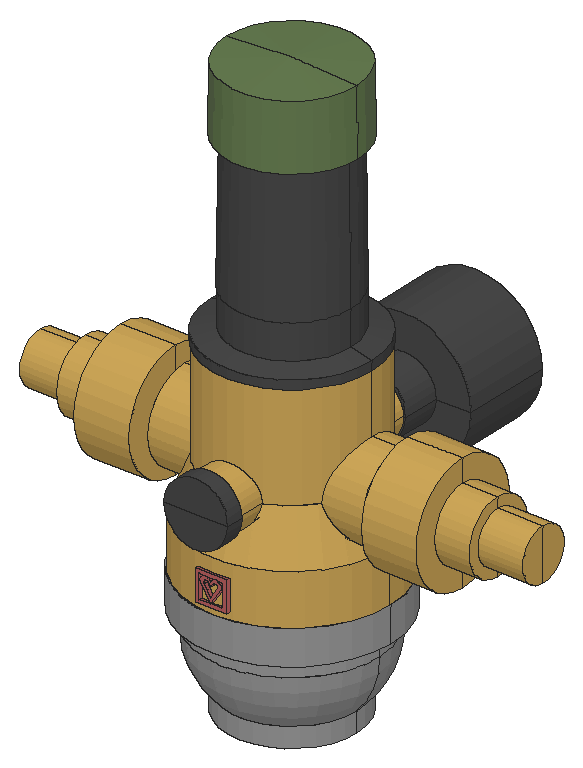
Revit family "HERZ Diaphragm Pressure Reducing Valve With Plastic Cap 2682", category Rohrzubehör, Revit 2018
Family settings
  Bemaßung runder Anschluss = Durchmesser verwenden
  Teiletyp = Unterbricht
  OmniClass-Nummer = 23.65.55.14
  OmniClass-Titel = Valves for Liquid Services
  Arbeitsebenenbasiert = Nein
  Immer vertikal = Ja
  Beim Laden mit Abzugskörper schneiden = Nein
  Gemeinsam genutzt = Nein
Parameters (values of type "Manometer back")
  Part number [instance] = size_lookup("2682_K_", "Artnr", 0, Nennweite)  # 1268211
  Note = "Pursuant to Article 33 of the REACH Regulation (EC No. 1907/2006), we are obliged to point out that the material lead is listed on the SVHC list and that all brass components manufactured in our products exceed 0.1% (w / w) lead (CAS: 7439-92-1 / EINECS: 231-100-4).\r\nSince lead is a component part of an alloy, actual exposure is not possible and therefore no additional information on safe use is necessary."
  Factory settings = 300000.0 Pa  # constant formula
  W01 = 91.00°  # constant formula
  Vorne [instance] = no
  VRL03 [instance] = size_lookup("2682_K_", "VRL3", 1.000 mm, Nennweite)  # 23.500 mm
  VRL02 [instance] = size_lookup("2682_K_", "VRL2", 1.000 mm, Nennweite)  # 16.000 mm
  VRL01 [instance] = size_lookup("2682_K_", "VRL1", 1.000 mm, Nennweite)  # 73.500 mm
  VRD02 [instance] = size_lookup("2682_K_", "VRD2", 1.000 mm, Nennweite)  # 17.000 mm
  VRD01 [instance] = size_lookup("2682_K_", "VRD1", 1.000 mm, Nennweite)  # 10.500 mm
  VRAG [instance] = Nennweite / 2  # 7.500 mm
  URL = "www.herzvalves.com"
  Standard = "EN 1567"  # constant formula
  Spring = "spring steel"  # constant formula
  SC_NennweiteBerechnet = 0
  SC_Dimension = ""
  SCTWSEQ = "AW;SBT_TYP_AW=\"111\";2"
  SCTWCODE = "04;24;02"  # constant formula
  S02 = 10.000 mm  # constant formula
  S01 [instance] = VRD02 * 2  # 34.000 mm
  R07 [instance] = R05 + 0.800 mm  # 9.300 mm
  R06 = 19.500 mm  # constant formula
  R05 [instance] = size_lookup("2682_K_", "R5", 1.000 mm, Nennweite)  # 8.500 mm
  R04 [instance] = size_lookup("2682_K_", "R4", 1.000 mm, Nennweite)  # 18.900 mm
  R03 [instance] = size_lookup("2682_K_", "R3", 1.000 mm, Nennweite)  # 19.250 mm
  R02 [instance] = size_lookup("2682_K_", "R2", 1.000 mm, Nennweite)  # 28.750 mm
  R01 [instance] = size_lookup("2682_K_", "R1", 1.000 mm, Nennweite)  # 23.250 mm
  Upper part = "PA6.6"  # constant formula
  Nennweite [instance] = 15.000 mm
  Max. operating temperature = 40 °C  # constant formula
  Diaphragm = "EPDM"  # constant formula
  Medium = "water"  # constant formula
  Max. inlet pressure = 1600000.0 Pa  # constant formula
  Manometer scale = "0 - 10 bar"  # constant formula
  Pressure gauge connectors = "1/4\" F (ISO 228-1)"
  LO01 [instance] = H02 - 2.000 mm  # 27.000 mm
  L01 [instance] = size_lookup("2682_K_", "L1", 1.000 mm, Nennweite)  # 10.600 mm
  L00 [instance] = size_lookup("2682_K_", "L", 1.000 mm, Nennweite)  # 84.000 mm
  Bottom cover = "PA12, transparent"  # constant formula
  Hinten [instance] = yes
  Hersteller = "HERZ Armaturen Ges.m.b.H."  # constant formula
  Handle = "PA 6.6, green"  # constant formula
  H12 [instance] = size_lookup("2682_K_", "H12", 1.000 mm, Nennweite)  # 5.800 mm
  H11 [instance] = size_lookup("2682_K_", "H11", 1.000 mm, Nennweite)  # 10.000 mm
  H10 [instance] = size_lookup("2682_K_", "H10", 1.000 mm, Nennweite)  # 37.000 mm
  H09 [instance] = H01 + H04 - H05  # 84.500 mm
  H08 [instance] = size_lookup("2682_K_", "H8", 1.000 mm, Nennweite)  # 20.000 mm
  H07 [instance] = size_lookup("2682_K_", "H7", 1.000 mm, Nennweite)  # 10.000 mm
  H06 [instance] = size_lookup("2682_K_", "H6", 1.000 mm, Nennweite)  # 2.500 mm
  H05 [instance] = size_lookup("2682_K_", "H5", 1.000 mm, Nennweite)  # 4.700 mm
  H04 [instance] = size_lookup("2682_K_", "H4", 1.000 mm, Nennweite)  # 58.700 mm
  H03 [instance] = D02 + 1.000 mm  # 14.220 mm
  H02 [instance] = size_lookup("2682_K_", "H2", 1.000 mm, Nennweite)  # 29.000 mm
  H01 [instance] = size_lookup("2682_K_", "H1", 1.000 mm, Nennweite)  # 30.500 mm
  GT1 [instance] = size_lookup("2682_K_", "GT1", 1.000 mm, Nennweite)  # 12.000 mm
  GT [instance] = size_lookup("2682_K_", "GT", 1.000 mm, Nennweite)  # 13.200 mm
  Filter = "stainless stee, mesh size 0.3 mm"  # constant formula
  Spring guide = "stainless steel"  # constant formula
  Outlet pressure range = "1.5 - 6 bar"  # constant formula
  Sealing = "EPDM"  # constant formula
  D09 [instance] = size_lookup("2682_K_", "D9", 1.000 mm, Nennweite)  # 19.000 mm
  D08 [instance] = size_lookup("2682_K_", "D8", 1.000 mm, Nennweite)  # 25.800 mm
  D07 [instance] = size_lookup("2682_K_", "D7", 1.000 mm, Nennweite)  # 29.000 mm
  D06 [instance] = size_lookup("2682_K_", "D6", 1.000 mm, Nennweite)  # 16.000 mm
  D05 [instance] = size_lookup("2682_K_", "D5", 1.000 mm, Nennweite)  # 16.800 mm
  D04 [instance] = size_lookup("2682_K_", "D4", 1.000 mm, Nennweite)  # 17.300 mm
  D03 [instance] = size_lookup("2682_K_", "D3", 1.000 mm, Nennweite)  # 23.500 mm
  D02 [instance] = size_lookup("2682_K_", "D2", 1.000 mm, Nennweite)  # 13.220 mm
  D01 [instance] = size_lookup("2682_K_", "D1", 1.000 mm, Nennweite)  # 9.525 mm
  Body = "forged brass acc. to EN 12165; CW626N"  # constant formula
  B03 = 5.000 mm  # constant formula
  B02 = 26.000 mm  # constant formula
  B01 [instance] = size_lookup("2682_K_", "B1", 1.000 mm, Nennweite)  # 30.000 mm
  B00 [instance] = size_lookup("2682_K_", "B", 1.000 mm, Nennweite)  # 67.000 mm
  External thread = "acc. to ISO 7-1 and ISO228"  # constant formula
  Application = "The pressure reducing valve protects installations against over pressure (reduces input pressure to a working level).\r\nIt can also be used in heating systems to protect boiler against increased pressure.\r\nThe outlet pressure is adjustable and does not vary with changes of the inlet pressure.\r\nThe outlet pressure can be adjusted by turning the green handle.\r\nTurning the handle clockwise increases the outlet pressure.\r\nTurning above the stated values on the pressure reducer scale may damage the valve.\r\nWe recommend the max. outlet pressure of 4 bar for private house installations (product long life, costs,...).\r\nAfter each new setting of the outlet pressure, the regulated pipe has to be opened and closed."
Types (3, lengths in mm): name | Note | Vorne | URL | Hinten | Application
  (no name) | "Pursuant to Article 33 of the REACH Regulation (EC No. 1907/2006), we are obliged to point out that the material lead is listed on the SVHC list and that all brass components manufactured in our products exceed 0.1% (w / w) lead (CAS: 7439-92-1 / EINECS: 231-100-4).\r\nSince lead is a component part of an alloy, actual exposure is not possible and therefore no additional information on safe use is necessary." | no | "www.herzvalves.com" | yes | "The pressure reducing valve protects installations against over pressure (reduces input pressure to a working level).\r\nIt can also be used in heating systems to protect boiler against increased pressure.\r\nThe outlet pressure is adjustable and does not vary with changes of the inlet pressure.\r\nThe outlet pressure can be adjusted by turning the green handle.\r\nTurning the handle clockwise increases the outlet pressure.\r\nTurning above the stated values on the pressure reducer scale may damage the valve.\r\nWe recommend the max. outlet pressure of 4 bar for private house installations (product long life, costs,...).\r\nAfter each new setting of the outlet pressure, the regulated pipe has to be opened and closed."
  Manometer front | "Gemäß Art 33 der REACH-Verordnung (EG Nr. 1907/2006) sind wir verpflichtet, darauf hinzuweisen, dass der Stoff Blei auf der SVHC-Liste geführt wird und dass alle aus Messing bestehenden Bauteile, die in unseren Erzeugnissen verarbeitet sind, mehr als 0,1 % (w/w) Blei (CAS: 7439-92-1 / EINECS: 231-100-4) enthalten.\r\nDa Blei als Legierungsbestandteil fest gebunden ist, sind keine Expositionen zu erwarten und daher sind keine zusätzlichen Angaben zur sicheren Verwendung notwendig." | yes | "www.herz-armaturen.at" | no | "Typischerweise dient der Druckreduzierer dazu, Installationen beziehungsweise Anlagen vor zu hohem Druck zu schützen.\r\nWeiters können Druckreduzierer in Heizungsanlagen eingesetzt werden, um zu hohe Drücke im Boiler zu verhindern.\r\nDer Druck nach dem Druckreduzierer ist im angegebenen Bereich einstellbar und steht nicht im Zusammenhang mit dem Vordruck.\r\nUm den Druck nach dem Druckreduzierer zu steigern, muss der Handgriff im Uhrzeigersinn gedreht werden.\r\nDurch das Einstellen von Drücken, welche die vorgegebene Skala überschreiten, können Schäden am Druckreduzierer entstehen.\r\nWir empfehlen einen maximalen Hinterdruck sekundärseitig von 4 bar für Anlagen in privaten Haushalten (lange Produktlebensdauer, geringe Kosten).\r\nNach jeder Änderung des Einstellwertes muss die Ausgangsseite druckentlastet werden, zum Beispiel durch Wasserzapfen."
  Manometer back | "Pursuant to Article 33 of the REACH Regulation (EC No. 1907/2006), we are obliged to point out that the material lead is listed on the SVHC list and that all brass components manufactured in our products exceed 0.1% (w / w) lead (CAS: 7439-92-1 / EINECS: 231-100-4).\r\nSince lead is a component part of an alloy, actual exposure is not possible and therefore no additional information on safe use is necessary." | no | "www.herzvalves.com" | yes | "The pressure reducing valve protects installations against over pressure (reduces input pressure to a working level).\r\nIt can also be used in heating systems to protect boiler against increased pressure.\r\nThe outlet pressure is adjustable and does not vary with changes of the inlet pressure.\r\nThe outlet pressure can be adjusted by turning the green handle.\r\nTurning the handle clockwise increases the outlet pressure.\r\nTurning above the stated values on the pressure reducer scale may damage the valve.\r\nWe recommend the max. outlet pressure of 4 bar for private house installations (product long life, costs,...).\r\nAfter each new setting of the outlet pressure, the regulated pipe has to be opened and closed."
Reference planes
  plane 1 "Mitte (Vorne/hinten)": y = 0
  plane 2: z = 0
  plane 3 "Mitte (Links/rechts)": x = 0
Forms (mm)
  Revolve 1, solid, material "Messing, weicher Gelbton, geschweißt", detail levels fine
    sketch origin (0, 0, 0) x (1, 0, 0) y (0, 0, 1)
      loop
        line (-42, 0) -> (42, 0) -> (42, 9.525) -> (31.4, 9.525) -> (31.4, 13.22) -> (-31.4, 13.22) -> (-31.4, 9.525) -> (-42, 9.525) -> (-42, 0)
      axis (-42, 0) -> (42, 0)
    angle from 0 to 360
  Revolve 2, solid, material "Messing, weicher Gelbton, geschweißt", detail levels fine
    sketch origin (0, 0, 0) x (1, 0, 0) y (0, 0, 1)
      loop
        line (0, -29) -> (28.75, -29) -> (28.75, -14.22) -> (23.25, 0) -> (23.25, 30.5) -> (0, 30.5) -> (0, -29)
      axis (0, 30.5) -> (0, -29)
    angle from 0 to 360
  Revolve 3, solid, material "Acetalharz, Schwarz", detail levels fine
    sketch origin (0, 0, 0) x (1, 0, 0) y (0, 0, 1)
      loop
        line (0, 30.5) -> (0, 89.2) -> (-16, 89.2) -> (-16, 84.5) -> (-16.8, 84.5) -> (-17.3, 44.5) -> (-17.3, 34.5) -> (-23.5, 33) -> (-23.5, 30.5) -> (0, 30.5)
      axis (0, 89.2) -> (0, 30.5)
    angle from 0 to 360
  Revolve 4, solid, material "Kunststoff GRÜN", detail levels fine
    sketch origin (0, 0, 0) x (1, 0, 0) y (0, 0, 1)
      loop
        line (0, 84.5) -> (19.25, 84.5) -> (18.9, 103.392)
        arc (18.9, 103.392) -> (9.466, 104.223) -> (0, 104.5) r 161.794
        line (0, 104.5) -> (0, 84.5)
      axis (0, 104.5) -> (0, 84.5)
    angle from 0 to 360
  Revolve 5, solid, material "Kunststoff, transparent", detail levels fine
    sketch origin (0, 0, 0) x (1, 0, 0) y (0, 0, 1)
      loop
        line (0, -29) -> (0, -66) -> (19, -66) -> (19, -60.2)
        arc (19, -60.2) -> (24.034, -52.577) -> (25.8, -43.615) r 23.626
        line (25.8, -43.615) -> (25.8, -39) -> (29, -39) -> (29, -29) -> (0, -29)
      axis (0, -29) -> (0, -66)
    angle from 0 to 360
  Revolve 6, solid, material "Messing, weicher Gelbton, geschweißt", detail levels fine
    sketch origin (0, 0, 0) x (1, 0, 0) y (0, 0, 1)
      loop
        line (34, 9.525) -> (46, 9.525) -> (46, 0) -> (73.5, 0) -> (73.5, 7.5) -> (60.3, 7.5) -> (60.3, 10.5) -> (50, 10.5) -> (50, 17) -> (34, 17) -> (34, 9.525)
      loop
        line (-34, 9.525) -> (-34, 17) -> (-50, 17) -> (-50, 10.5) -> (-60.3, 10.5) -> (-60.3, 7.5) -> (-73.5, 7.5) -> (-73.5, 0) -> (-46, 0) -> (-46, 9.525) -> (-34, 9.525)
      axis (-73.5, 0) -> (73.5, 0)
    angle from 0 to 360
  Revolve 7, solid, material "Messing, weicher Gelbton, geschweißt", detail levels fine
    sketch origin (0, 0, 0) x (1, 0, 0) y (0, 1, 0)
      loop
        line (0, 30) -> (0, -30) -> (8.5, -30) -> (8.5, 30) -> (0, 30)
      axis (0, 30) -> (0, -30)
    angle from 0 to 360
  Revolve 8, solid, material "Acetalharz, Schwarz", visible <- "Vorne", detail levels fine
    sketch origin (0, 0, 0) x (1, 0, 0) y (0, 1, 0)
      loop
        line (0, -30) -> (0, -65) -> (17.5, -65) -> (17.5, -67) -> (19.5, -67) -> (19.5, -41) -> (9.3, -41) -> (9.3, -30) -> (0, -30)
      axis (0, -30) -> (0, -67)
    angle from 0 to 360
  Revolve 9, solid, material "Acetalharz, Schwarz", visible <- "Vorne", detail levels fine
    sketch origin (0, 0, 0) x (1, 0, 0) y (0, 1, 0)
      loop
        line (0, 30) -> (9.3, 30) -> (9.3, 35) -> (0, 35) -> (0, 30)
      axis (0, 35) -> (0, 30)
    angle from 0 to 360
  Revolve 10, solid, material "Acetalharz, Schwarz", visible <- "Hinten", detail levels fine
    sketch origin (0, 0, 0) x (1, 0, 0) y (0, -1, 0)
      loop
        line (0, 30) -> (9.3, 30) -> (9.3, 35) -> (0, 35) -> (0, 30)
      axis (0, 35) -> (0, 30)
    angle from 0 to 360
  Revolve 11, solid, material "Acetalharz, Weiß", visible <- "Vorne", detail levels fine
    sketch origin (0, 0, 0) x (1, 0, 0) y (0, 1, 0)
      loop
        line (0, -65) -> (0, -66.5) -> (17.5, -66.5) -> (17.5, -65) -> (0, -65)
      axis (0, -65) -> (0, -66.5)
    angle from 0 to 360
  Revolve 12, solid, material "Acetalharz, Schwarz", visible <- "Hinten", detail levels fine
    sketch origin (0, 0, 0) x (1, 0, 0) y (0, -1, 0)
      loop
        line (0, -30) -> (0, -65) -> (17.5, -65) -> (17.5, -67) -> (19.5, -67) -> (19.5, -41) -> (9.3, -41) -> (9.3, -30) -> (0, -30)
      axis (0, -30) -> (0, -67)
    angle from 0 to 360
  Revolve 13, solid, material "Acetalharz, Weiß", visible <- "Hinten", detail levels fine
    sketch origin (0, 0, 0) x (1, 0, 0) y (0, -1, 0)
      loop
        line (0, -65) -> (0, -66.5) -> (17.5, -66.5) -> (17.5, -65) -> (0, -65)
      axis (0, -65) -> (0, -66.5)
    angle from 0 to 360
Lines and regions (mm)
  model lines, detail levels coarse+medium
    curve 1: line (-42, 0, -17) -> (-42, 0, 17)
    curve 2: line (-42, 0, 17) -> (42, 0, -34)
    curve 3: line (42, 0, -34) -> (42, 0, 34)
    curve 4: line (42, 0, 34) -> (-42, 0, -17)
    curve 5: line (-42, 0, 17) -> (-52, 0, 17)
    curve 6: line (-52, 0, 17) -> (-42, 0, 0)
    curve 7: line (-42, 0, -17) -> (-52, 0, -17)
    curve 8: line (-52, 0, -17) -> (-42, 0, 0)
    curve 9: line (-42, 0, 0) -> (-73.5, 0, 0)
    curve 10: line (42, 0, 17) -> (52, 0, 17)
    curve 11: line (52, 0, 17) -> (42, 0, 0)
    curve 12: line (42, 0, -17) -> (52, 0, -17)
    curve 13: line (52, 0, -17) -> (42, 0, 0)
    curve 14: line (42, 0, 0) -> (73.5, 0, 0)
    curve 15: line (-42, -17, 0) -> (-42, 17, 0)
    curve 16: line (-42, 17, 0) -> (42, -34, 0)
    curve 17: line (42, -34, 0) -> (42, 34, 0)
    curve 18: line (42, 34, 0) -> (-42, -17, 0)
    curve 19: line (-42, 17, 0) -> (-52, 17, 0)
    curve 20: line (-52, 17, 0) -> (-42, 0, 0)
    curve 21: line (-42, -17, 0) -> (-52, -17, 0)
    curve 22: line (-52, -17, 0) -> (-42, 0, 0)
    curve 23: line (42, 0, -17) -> (42, 0, 17)
    curve 24: line (42, 0, 17) -> (52, 0, 17)
    curve 25: line (52, 0, 17) -> (42, 0, 0)
    curve 26: line (42, 17, 0) -> (52, 17, 0)
    curve 27: line (52, 17, 0) -> (42, 0, 0)
    curve 28: line (42, -17, 0) -> (52, -17, 0)
    curve 29: line (52, -17, 0) -> (42, 0, 0)
Dimensions and locks
  equal spacing: Revolve 1 sketch curve, plane 3 "Mitte (Links/rechts)", Revolve 1 sketch curve
  "L00": Revolve 1 sketch curve to Revolve 1 sketch curve
  "L01": Revolve 1 sketch curve to Revolve 1 sketch curve  (x2)
  "D01": Revolve 1 sketch curve to Revolve 1 sketch curve  (x2)
  "D02": Revolve 1 sketch curve to plane 2
  "R01": Revolve 2 sketch curve to Revolve 2 sketch curve
  "R02": Revolve 2 sketch curve to Revolve 2 sketch curve
  "H01": Revolve 2 sketch curve to plane 2
  "H02": plane 2 to Revolve 2 sketch curve
  "H03": plane 2 to Revolve 2 sketch curve
  "H01": Revolve 3 sketch curve to plane 2
  "H04": Revolve 3 sketch curve to Revolve 3 sketch curve
  "H05": Revolve 3 sketch curve to Revolve 3 sketch curve
  "H06": Revolve 3 sketch curve to Revolve 3 sketch curve
  "H07": Revolve 3 sketch curve to Revolve 3 sketch curve
  "D03": Revolve 3 sketch curve to Revolve 3 sketch curve
  "D04": Revolve 3 sketch curve to Revolve 3 sketch curve
  "D05": Revolve 3 sketch curve to Revolve 3 sketch curve
  "D06": Revolve 3 sketch curve to Revolve 3 sketch curve
  "R03": Revolve 4 sketch curve to Revolve 4 sketch curve
  "H08": Revolve 4 sketch curve to Revolve 4 sketch curve
  "R04": Revolve 4 sketch curve to plane 3 "Mitte (Links/rechts)"
  "H09": Revolve 4 sketch curve to plane 2
  "H10": Revolve 5 sketch curve to Revolve 5 sketch curve
  "H02": plane 2 to Revolve 5 sketch curve
  "D07": Revolve 5 sketch curve to Revolve 5 sketch curve
  "H11": Revolve 5 sketch curve to Revolve 5 sketch curve
  "D08": Revolve 5 sketch curve to Revolve 5 sketch curve
  "H12": Revolve 5 sketch curve to Revolve 5 sketch curve
  "D09": Revolve 5 sketch curve to Revolve 5 sketch curve
  "VRL02": Revolve 6 sketch curve to Revolve 6 sketch curve  (x2)
  "VRL01": Revolve 6 sketch curve to plane 3 "Mitte (Links/rechts)"
  "GT": Revolve 6 sketch curve to Revolve 6 sketch curve  (x2)
  "VRL03": Revolve 6 sketch curve to Revolve 6 sketch curve  (x2)
  "D01": Revolve 6 sketch curve to plane 2  (x2)
  "GT1": Revolve 6 sketch curve to Revolve 6 sketch curve  (x2)
  "VRAG": Revolve 6 sketch curve to plane 2  (x2)
  "VRD01": Revolve 6 sketch curve to plane 2  (x2)
  "VRD02": Revolve 6 sketch curve to Revolve 6 sketch curve  (x2)
  "VRL01": plane 3 "Mitte (Links/rechts)" to Revolve 6 sketch curve
  "B01": Revolve 7 sketch curve to plane 1 "Mitte (Vorne/hinten)" to Revolve 7 sketch curve
  "R05": Revolve 7 sketch curve to Revolve 7 sketch curve
  "B00": Revolve 8 sketch curve to plane 1 "Mitte (Vorne/hinten)"
  "B01": plane 1 "Mitte (Vorne/hinten)" to Revolve 8 sketch curve
  "B02": Revolve 8 sketch curve to Revolve 8 sketch curve
  "R06": Revolve 8 sketch curve to Revolve 8 sketch curve
  "R07": Revolve 8 sketch curve to Revolve 8 sketch curve
  "R02": nested 1 to plane 1 "Mitte (Vorne/hinten)"
  "LO01": plane 2 to nested 1
  "VRD02": curve 2 to plane 2 to curve 4
  "S01": curve 4 to plane 2 to curve 3
  equal spacing: curve 3, plane 3 "Mitte (Links/rechts)", curve 1
  "L00": curve 3 to curve 1
  "S02": curve 1 to curve 6
  "S02": curve 1 to curve 8
  "VRL01": plane 3 "Mitte (Links/rechts)" to curve 9
  "S02": curve 11 to curve 3
  "S02": curve 13 to curve 3
  "VRL01": curve 14 to plane 3 "Mitte (Links/rechts)"
  "VRD02": curve 10 to plane 2 to curve 12
  equal spacing: curve 15, plane 3 "Mitte (Links/rechts)", curve 17
  "L00": curve 15 to curve 17
  "VRD02": curve 18 to plane 1 "Mitte (Vorne/hinten)" to curve 16
  "S01": curve 17 to plane 1 "Mitte (Vorne/hinten)" to curve 18
  "S02": curve 20 to curve 15
  "S02": curve 22 to curve 15
  "S02": curve 17 to curve 27
  "S02": curve 17 to curve 29
  "VRD02": curve 28 to plane 1 "Mitte (Vorne/hinten)" to curve 26
  "R07": Revolve 9 sketch curve to Revolve 9 sketch curve
  "B01": plane 1 "Mitte (Vorne/hinten)" to Revolve 9 sketch curve
  "B03": Revolve 9 sketch curve to Revolve 9 sketch curve
  "R07": Revolve 10 sketch curve to Revolve 10 sketch curve
  "B03": Revolve 10 sketch curve to Revolve 10 sketch curve
  "B01": Revolve 10 sketch curve to plane 1 "Mitte (Vorne/hinten)"
  "B02": Revolve 12 sketch curve to Revolve 12 sketch curve
  "R06": Revolve 12 sketch curve to Revolve 12 sketch curve
  "R07": Revolve 12 sketch curve to Revolve 12 sketch curve
  aligned and locked: level to plane 2
Automatic sketch dimensions
  Revolve 11 sketch curve to plane 3 "Mitte (Links/rechts)" = 0.000 mm  (x2)
  plane 3 "Mitte (Links/rechts)" to Revolve 11 sketch curve = 17.500 mm
  plane 1 "Mitte (Vorne/hinten)" to Revolve 11 sketch curve = 66.500 mm
  Revolve 11 sketch curve to Revolve 11 sketch curve = 1.500 mm
  Revolve 11 sketch curve to Revolve 11 sketch curve = 1933.500 mm
  Revolve 11 sketch curve to plane 1 "Mitte (Vorne/hinten)" = 2000.000 mm
  Revolve 13 sketch curve to plane 3 "Mitte (Links/rechts)" = 0.000 mm  (x2)
  Revolve 13 sketch curve to plane 3 "Mitte (Links/rechts)" = 17.500 mm
  plane 1 "Mitte (Vorne/hinten)" to Revolve 13 sketch curve = 66.500 mm
  Revolve 13 sketch curve to Revolve 13 sketch curve = 1.500 mm
  Revolve 13 sketch curve to Revolve 13 sketch curve = 1933.500 mm
  Revolve 13 sketch curve to plane 1 "Mitte (Vorne/hinten)" = 2000.000 mm
  curve 25 to level = 0.000 mm
  curve 14 to level = 0.000 mm
  curve 6 to level = 0.000 mm
  curve 8 to level = 0.000 mm
  curve 24 to curve 10 = 0.000 mm
  plane 1 "Mitte (Vorne/hinten)" to curve 29 = 0.000 mm
  plane 1 "Mitte (Vorne/hinten)" to curve 20 = 0.000 mm
  Revolve 1 sketch curve to level = 0.000 mm  (x2)
  Revolve 1 sketch curve to Revolve 1 sketch curve = 1464.530 mm
  Revolve 1 sketch curve to Revolve 1 sketch curve = 1797.148 mm
  Revolve 2 sketch curve to plane 3 "Mitte (Links/rechts)" = 0.000 mm  (x2)
  Revolve 2 sketch curve to level = 0.000 mm
  Revolve 2 sketch curve to Revolve 2 sketch curve = 337.045 mm
  Revolve 2 sketch curve to Revolve 2 sketch curve = 2183.815 mm
  Revolve 3 sketch curve to plane 3 "Mitte (Links/rechts)" = 0.000 mm  (x2)
  Revolve 3 sketch curve to Revolve 3 sketch curve = 1.500 mm
  Revolve 3 sketch curve to level = 366.045 mm
  Revolve 3 sketch curve to Revolve 3 sketch curve = 2125.115 mm
  Revolve 4 sketch curve to plane 3 "Mitte (Links/rechts)" = 0.000 mm  (x2)
  Revolve 4 sketch curve to level = 57.294 mm
  Revolve 4 sketch curve to Revolve 4 sketch curve = 308.751 mm
  Revolve 4 sketch curve to Revolve 4 sketch curve = 2109.815 mm
  Revolve 5 sketch curve to plane 3 "Mitte (Links/rechts)" = 0.000 mm  (x2)
  plane 3 "Mitte (Links/rechts)" to Revolve 5 sketch curve = 2.174 mm
  Revolve 5 sketch curve to Revolve 5 sketch curve = 300.045 mm
  level to Revolve 5 sketch curve = 2214.315 mm
  Revolve 6 sketch curve to level = 0.000 mm  (x3)
  Revolve 6 sketch curve to Revolve 6 sketch curve = 1433.030 mm
  Revolve 6 sketch curve to Revolve 6 sketch curve = 1765.648 mm
  Revolve 7 sketch curve to plane 3 "Mitte (Links/rechts)" = 0.000 mm  (x2)
  Revolve 7 sketch curve to Revolve 7 sketch curve = 1950.000 mm  (x2)
  Revolve 8 sketch curve to plane 3 "Mitte (Links/rechts)" = 0.000 mm  (x2)
  Revolve 8 sketch curve to Revolve 8 sketch curve = 2.000 mm  (x2)
  Revolve 8 sketch curve to Revolve 8 sketch curve = 0.000 mm
  Revolve 8 sketch curve to plane 1 "Mitte (Vorne/hinten)" = 2000.000 mm
  Revolve 9 sketch curve to plane 3 "Mitte (Links/rechts)" = 0.000 mm  (x2)
  plane 1 "Mitte (Vorne/hinten)" to Revolve 9 sketch curve = 2000.000 mm
  Revolve 9 sketch curve to Revolve 9 sketch curve = 1963.119 mm
  Revolve 10 sketch curve to plane 3 "Mitte (Links/rechts)" = 0.000 mm  (x2)
  plane 1 "Mitte (Vorne/hinten)" to Revolve 10 sketch curve = 2000.000 mm
  Revolve 10 sketch curve to Revolve 10 sketch curve = 1963.119 mm
  Revolve 12 sketch curve to plane 3 "Mitte (Links/rechts)" = 0.000 mm  (x2)
  Revolve 12 sketch curve to Revolve 12 sketch curve = 2.000 mm  (x2)
  plane 1 "Mitte (Vorne/hinten)" to Revolve 12 sketch curve = 67.000 mm
  Revolve 12 sketch curve to Revolve 12 sketch curve = 11.000 mm
  Revolve 12 sketch curve to Revolve 12 sketch curve = 0.000 mm
  Revolve 12 sketch curve to plane 1 "Mitte (Vorne/hinten)" = 2000.000 mm
Nested families
  nested 1: "Herz-Logo-vorne" at (0, -28.75, -22.5) x (0, 1, 0) z (0, 0, 1), type "Herz-Logo-vorne", detail levels fine
Connectors
  piping at (73.5, 0, 0), diameter 15, driven by "Nennweite"
    settings: on Revolve 6, index 1, connector inside diameter 609.6 mm, connector length 0.000 mm, flow factor 0, pipe flow 0.0 L/s, pressure drop 0.0 Pa, fitting loss kfactor 0, connector angle 0.00°, fixture units 0, engagement length 0.000 mm, angle of deflection 0.00°, flow configuration 0, flow direction 2, fitting loss method 0, system type 29, joint type 0, gender type 0, connector reference index -1, connector utility 0, adjustable connector no, is connector primary yes, connector description ""
  piping at (-73.5, 0, 0), diameter 15, driven by "Nennweite"
    settings: on Revolve 6, index 2, connector inside diameter 609.6 mm, connector length 0.000 mm, flow factor 0, pipe flow 0.0 L/s, pressure drop 0.0 Pa, fitting loss kfactor 0, connector angle 0.00°, fixture units 0, engagement length 0.000 mm, angle of deflection 0.00°, flow configuration 0, flow direction 1, fitting loss method 0, system type 29, joint type 0, gender type 0, connector reference index -1, connector utility 0, adjustable connector no, is connector primary no, connector description ""
Definition of nested family "Herz-Logo-vorne"
  Reference planes
    plane 1 "Mitte (Vorne/hinten)": y = 0
    plane 2: z = 0
    plane 3 "Mitte (Links/rechts)": x = 0
  Forms (mm)
    Extrusion 1, solid
      sketch origin (0.732, -0.018, 0.017) x (0, -1, 0) y (0, 0, 1)
        loop
          line (-0.018, -4.517) -> (4.482, -4.517) -> (4.482, 4.483) -> (-4.518, 4.483) -> (-4.518, -4.517) -> (-0.018, -4.517)
        loop
          line (-0.05, -3.48) -> (3.482, -3.48) -> (3.482, 3.483) -> (-3.518, 3.483) -> (-3.518, -3.48) -> (-0.05, -3.48)
        loop
          arc (-0.018, 2.383) -> (-1.543, 3.287) -> (-3.067, 2.383) r 1.738
          arc (-3.067, 2.383) -> (-3.191, 1.899) -> (-3.067, 1.415) r 1.009
          line (-3.067, 1.415) -> (-0.018, -3.281) -> (3.032, 1.415)
          arc (3.032, 1.415) -> (3.156, 1.899) -> (3.032, 2.383) r 1.009
          arc (3.032, 2.383) -> (1.507, 3.287) -> (-0.018, 2.383) r 1.738
        loop
          arc (1.885, 1.272) -> (2.005, 1.675) -> (1.885, 2.079) r 0.74
          arc (1.885, 2.079) -> (1.265, 2.416) -> (0.644, 2.079) r 0.74
          line (0.644, 2.079) -> (-0.018, 0.97) -> (-0.679, 2.079)
          arc (-0.679, 2.079) -> (-1.3, 2.416) -> (-1.921, 2.079) r 0.74
          arc (-1.921, 2.079) -> (-2.04, 1.675) -> (-1.921, 1.272) r 0.74
          line (-1.921, 1.272) -> (-0.018, -1.658) -> (1.885, 1.272)
      from 0 to 1.5
  Dimensions and locks
    aligned and locked: level to plane 2
